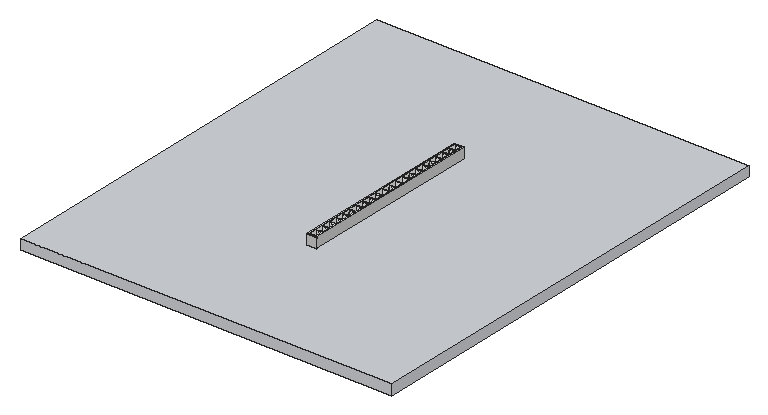
Revit family "Zumtobel LINCOR A", category Leuchten, Revit 2016
Family settings
  Basisbauteil = Fläche
  Teiletyp = Normal
  Bemaßung runder Anschluss = Durchmesser verwenden
  OmniClass-Nummer = 23.80.70.11
  OmniClass-Titel = Luminaries for Internal Lighting
  Beim Laden mit Abzugskörper schneiden = Nein
  Lichtquelle = Ja
  Gemeinsam genutzt = Nein
  Raumberechnungspunkt = Nein
Parameters (values of type "LINCOR A D LED4200 L12 SR")
  Width = 63.00 mm  # constant formula
  Wattage = 28.3422 W
  built-in parameter 1150110 = 1 (stored number, unit not read)
  Voltage = 230 V
  URL = "http://www.zumtobel.com/42184429"
  Typenkommentare = "© Zumtobel. We reserve the right to make technical changes without prior notice."  # constant formula
  built-in parameter 1114217 = 1 (stored number, unit not read)
  Tilt Angle = 90.00°
  built-in parameter 1150109 = 1 (stored number, unit not read)
  built-in parameter 1150134 = (empty or 0)
  built-in parameter 1150113 = 1 (stored number, unit not read)
  Datei für fotometrisches Netz = "42184429_(STD_LEO).IES"
  Modell = "42184429"
  Hersteller = "Zumtobel Lighting"  # constant formula
  built-in parameter 1150105 = 335.02 (stored number, unit not read)
  Lumens = 4210 lm
  built-in parameter 1150115 = 1 (stored number, unit not read)
  built-in parameter 1150137 = (empty or 0)
  built-in parameter 1150139 = (empty or 0)
  Length = 1209.00 mm
  built-in parameter 1150112 = 1 (stored number, unit not read)
  built-in parameter 1150114 = 1 (stored number, unit not read)
  Lampe = "LED"
  built-in parameter 1150132 = 2
  built-in parameter 1150102 = (empty or 0)
  built-in parameter 1150107 = 3000 (stored number, unit not read)
  built-in parameter 1150138 = (empty or 0)
  built-in parameter 1150106 = 3.3502 (stored number, unit not read)
  Height = 65.00 mm  # constant formula
  Von Breite des Rechtecks ausssenden = Length - 10.00 mm  # 1199.00 mm
  Von Länge des Rechtecks aussenden = Width - 10.00 mm  # 53.00 mm
  Emissionsform beim Rendern sichtbar = yes
  built-in parameter 1150104 = 13.8 (stored number, unit not read)
  Farbtemperaturverschiebung bei Dämpfen der Lampe = <Keine Auswahl>
  Beschreibung = "Pendant LED luminaire - darklight optic"
  Cell 2407 = Length = 2407.00 mm  # no
  Cell 1209 = Length = 1209.00 mm  # yes
  Color Filter = 16777215
  Body [instance] = Zumtobel_Metal_Aluminium
  built-in parameter 1114218 = 1 (stored number, unit not read)
  built-in parameter 1150133 = 10 (stored number, unit not read)
  Apparent Load = 36 VA
  Default Elevation = 0.00 mm
  Baugruppenkennzeichen = "D5020200"
Reference planes
  plane 1 "Top": z = 0
  plane 2 "Center (Left/Right)": x = 0
  plane 3 "Center (Front/Back)": y = -11.001
  plane 4: x = -31.5
  plane 5: x = 31.5
  plane 6 "Back": y = 593.499
  plane 7 "Front": y = -615.501
  plane 8 "Bottom": z = 65
  plane 9: z = 0
  plane 10: y = 588.499
  plane 11: x = -26.5
  plane 12: x = 26.5
  plane 13: y = -610.501
  plane 14: z = 35
  plane 15 "Suspension Back": y = 563.999
  plane 16 "Suspension Front": y = -586.001
  plane 17: z = -30
  plane 18: z = -55
  plane 19: z = -35
  plane 20: z = -25
  plane 21: z = 30
  plane 22: z = 15
  plane 23: z = 30
  plane 24: z = 5
  plane 25: z = 10
Forms (mm)
  Extrusion 1, solid
    sketch origin (0, 0, 0) x (1, 0, 0) y (0, 1, 0)
      loop
        line (-1219.2, 1439.2) -> (-1219.2, -1480.8) -> (1219.2, -1480.8) -> (1219.2, 1439.2) -> (-1219.2, 1439.2)
    from 0 to -66.193
  Extrusion 2, solid, material "Zumtobel_Metal_Aluminium" <- "Body", detail levels medium+fine
    sketch origin (0, 593.499, 0) x (-1, 0, 0) y (0, 0, 1)
      loop
        line (31.5, 65) -> (-31.5, 65) -> (-31.5, 0) -> (31.5, 0) -> (31.5, 65)
    from 0 to -5
  Extrusion 3, solid, material "Zumtobel_Metal_Aluminium" <- "Body", detail levels medium+fine
    sketch origin (0, -615.501, 0) x (-1, 0, 0) y (0, 0, -1)
      loop
        line (31.5, -65) -> (31.5, 0) -> (-31.5, 0) -> (-31.5, -65) -> (31.5, -65)
    from 0 to -5
  Extrusion 4, solid, material "Zumtobel_Metal_Aluminium" <- "Body", detail levels medium+fine
    sketch origin (0, 0, 0) x (1, 0, 0) y (0, 0, 1)
      loop
        line (-31.5, 65) -> (-31.5, 0) -> (-26.5, 0) -> (-26.5, 30) -> (26.5, 30) -> (26.5, 0) -> (31.5, 0) -> (31.5, 65) -> (26.5, 65) -> (26.5, 35) -> (-26.5, 35) -> (-26.5, 65) -> (-31.5, 65)
    from -588.499 to 610.501
  Sweep 5, solid, material "Zumtobel_Metal_Chrome", visible <- "Cell 1209", detail levels medium+fine
    path origin (0, -11.001, 0) x (-1, 0, 0) y (0, 0, 1)
      loop
        line (0, 35) -> (0, 65)
    profile "Profile_1 : Family1" origin (0, -11.001, 50) x (1, 0, 0) y (0, 1, 0)
      loop
        line (21.5, -493) -> (-21.5, -493) -> (-21.5, -542.5) -> (21.5, -542.5) -> (21.5, -493)
      loop
        line (21.5, -438.5) -> (-21.5, -438.5) -> (-21.5, -488) -> (21.5, -488) -> (21.5, -438.5)
      loop
        line (21.5, -594.5) -> (21.5, -547.5) -> (-21.5, -547.5) -> (-21.5, -594.5) -> (21.5, -594.5)
      loop
        line (21.5, -329.5) -> (-21.5, -329.5) -> (-21.5, -379) -> (21.5, -379) -> (21.5, -329.5)
      loop
        line (21.5, -275) -> (-21.5, -275) -> (-21.5, -324.5) -> (21.5, -324.5) -> (21.5, -275)
      loop
        line (21.5, -433.5) -> (21.5, -384) -> (-21.5, -384) -> (-21.5, -433.5) -> (21.5, -433.5)
      loop
        line (21.5, -166) -> (-21.5, -166) -> (-21.5, -215.5) -> (21.5, -215.5) -> (21.5, -166)
      loop
        line (21.5, -111.5) -> (-21.5, -111.5) -> (-21.5, -161) -> (21.5, -161) -> (21.5, -111.5)
      loop
        line (21.5, -270) -> (21.5, -220.5) -> (-21.5, -220.5) -> (-21.5, -270) -> (21.5, -270)
      loop
        line (21.5, -2.5) -> (-21.5, -2.5) -> (-21.5, -52) -> (21.5, -52) -> (21.5, -2.5)
      loop
        line (21.5, 52) -> (-21.5, 52) -> (-21.5, 2.5) -> (21.5, 2.5) -> (21.5, 52)
      loop
        line (21.5, -106.5) -> (21.5, -57) -> (-21.5, -57) -> (-21.5, -106.5) -> (21.5, -106.5)
      loop
        line (21.5, 161) -> (-21.5, 161) -> (-21.5, 111.5) -> (21.5, 111.5) -> (21.5, 161)
      loop
        line (21.5, 215.5) -> (-21.5, 215.5) -> (-21.5, 166) -> (21.5, 166) -> (21.5, 215.5)
      loop
        line (21.5, 57) -> (21.5, 106.5) -> (-21.5, 106.5) -> (-21.5, 57) -> (21.5, 57)
      loop
        line (21.5, 324.5) -> (-21.5, 324.5) -> (-21.5, 275) -> (21.5, 275) -> (21.5, 324.5)
      loop
        line (21.5, 379) -> (-21.5, 379) -> (-21.5, 329.5) -> (21.5, 329.5) -> (21.5, 379)
      loop
        line (21.5, 220.5) -> (21.5, 270) -> (-21.5, 270) -> (-21.5, 220.5) -> (21.5, 220.5)
      loop
        line (21.5, 488) -> (-21.5, 488) -> (-21.5, 438.5) -> (21.5, 438.5) -> (21.5, 488)
      loop
        line (21.5, 542.5) -> (-21.5, 542.5) -> (-21.5, 493) -> (21.5, 493) -> (21.5, 542.5)
      loop
        line (21.5, 384) -> (21.5, 433.5) -> (-21.5, 433.5) -> (-21.5, 384) -> (21.5, 384)
      loop
        line (-21.5, 594.5) -> (-21.5, 547.5) -> (21.5, 547.5) -> (21.5, 594.5) -> (-21.5, 594.5)
      loop
        line (-26.5, 599.5) -> (-26.5, -599.5) -> (26.5, -599.5) -> (26.5, 599.5) -> (-26.5, 599.5)
  Extrusion 6, solid, material "Zumtobel_Waveguide", detail levels medium+fine
    sketch origin (0, 0, 0) x (1, 0, 0) y (0, 1, 0)
      loop
        line (-26.5, 588.499) -> (-26.5, -610.501) -> (26.5, -610.501) -> (26.5, 588.499) -> (-26.5, 588.499)
    from 5 to 10
Lines and regions (mm)
  symbolic lines, style "Zumtobel Lighting", detail levels coarse
    curve 1: line (-31.5, 593.499, 0) -> (31.5, 593.499, 0)
    curve 2: line (-31.5, -615.501, 0) -> (31.5, -615.501, 0)
    curve 3: line (0, 593.499, 0) -> (0, -615.501, 0)
Dimensions and locks
  equal spacing: plane 6 "Back", plane 3 "Center (Front/Back)", plane 7 "Front"
  "Length": plane 6 "Back" to plane 7 "Front"
  plane 8 "Bottom" to plane 1 "Top" = 65.00 mm
  locked: plane 8 "Bottom" to plane 9 at 65
  locked: plane 6 "Back" to plane 10 at 5
  locked: plane 7 "Front" to plane 13 at 5
  plane 8 "Bottom" to plane 14 to plane 23 = 30.00 mm locked, 5.00 mm locked
  equal spacing: plane 15 "Suspension Back", plane 3 "Center (Front/Back)", plane 16 "Suspension Front"
  locked: plane 15 "Suspension Back" to plane 16 "Suspension Front" at 1150
  locked: connector elem to plane 15 "Suspension Back"
  locked: plane 17 to plane 18 at 25
  plane 20 to plane 17 to plane 19 = 5.00 mm locked, 5.00 mm locked
  plane 24 to plane 9 to plane 20 = 5.00 mm locked, 25.00 mm locked
  plane 21 to plane 22 to plane 1 "Top" = 15.00 mm locked, 15.00 mm locked
  locked: plane 25 to plane 24 at 5
  aligned and locked: plane 1 "Top" to Extrusion 1
  aligned and locked: level to Extrusion 1
  aligned and locked: imposter light to plane 8 "Bottom"
  aligned: imposter light to plane 2 "Center (Left/Right)"
  aligned: imposter light to plane 3 "Center (Front/Back)"
  aligned and locked: plane 4 to Extrusion 2 sketch curve
  aligned and locked: Extrusion 2 sketch curve to plane 8 "Bottom"
  aligned and locked: plane 9 to Extrusion 2 sketch curve
  aligned and locked: plane 5 to Extrusion 2 sketch curve
  aligned and locked: Extrusion 4 sketch curve to plane 4
  aligned and locked: Extrusion 4 sketch curve to plane 8 "Bottom"  (x2)
  aligned and locked: plane 5 to Extrusion 4 sketch curve
  aligned and locked: Extrusion 4 sketch curve to plane 9  (x2)
  aligned and locked: plane 12 to Extrusion 4 sketch curve  (x2)
  aligned and locked: Extrusion 4 sketch curve to plane 11  (x2)
  aligned and locked: plane 10 to Extrusion 4
  aligned and locked: plane 13 to Extrusion 4
  aligned and locked: plane 8 "Bottom" to Sweep 5 sketch curve
  aligned and locked: plane 14 to Sweep 5 sketch curve
  aligned and locked: Extrusion 6 sketch curve to plane 13
  aligned and locked: plane 11 to Extrusion 6 sketch curve
  aligned and locked: plane 12 to Extrusion 6 sketch curve
  aligned and locked: Extrusion 6 sketch curve to plane 10
  aligned: plane 23 to Extrusion 6
  aligned and locked: Extrusion 6 to plane 24
  aligned and locked: plane 25 to Extrusion 6
  aligned and locked: plane 4 to curve 1
  aligned and locked: plane 5 to curve 1
  aligned and locked: plane 6 "Back" to curve 3
  aligned and locked: curve 1 to plane 6 "Back"
  aligned and locked: plane 7 "Front" to curve 2
  aligned and locked: plane 4 to curve 2
  aligned and locked: plane 5 to curve 2
  aligned and locked: plane 7 "Front" to curve 3
  aligned and locked: curve 3 to plane 2 "Center (Left/Right)"
Automatic sketch dimensions
  Extrusion 1 sketch curve to Extrusion 1 sketch curve = 2438.40 mm
  Extrusion 1 sketch curve to Extrusion 1 sketch curve = 2920.00 mm
  plane 5 to Extrusion 3 sketch curve = 0.00 mm
  Extrusion 3 sketch curve to plane 4 = 0.00 mm
  Extrusion 3 sketch curve to plane 9 = 0.00 mm
  Extrusion 3 sketch curve to plane 8 "Bottom" = 0.00 mm
  Extrusion 4 sketch curve to plane 23 = 0.00 mm
  Extrusion 4 sketch curve to plane 14 = 0.00 mm
  Sweep 5 sketch curve to plane 2 "Center (Left/Right)" = 0.00 mm
Connectors
  electrical at (0, 563.999, 0), driven by "Apparent Load", driven by "Voltage"
    settings: index 1, voltage 230 V, apparent load 0 VA, apparent load phase1 36 VA, apparent load phase2 0 VA, apparent load phase3 0 VA, power factor 1, load classification "Beleuchtung", number of poles 1, system type 31, power factor state 1, is connector primary yes, connector utility no, sub classification motor no, connector description ""
